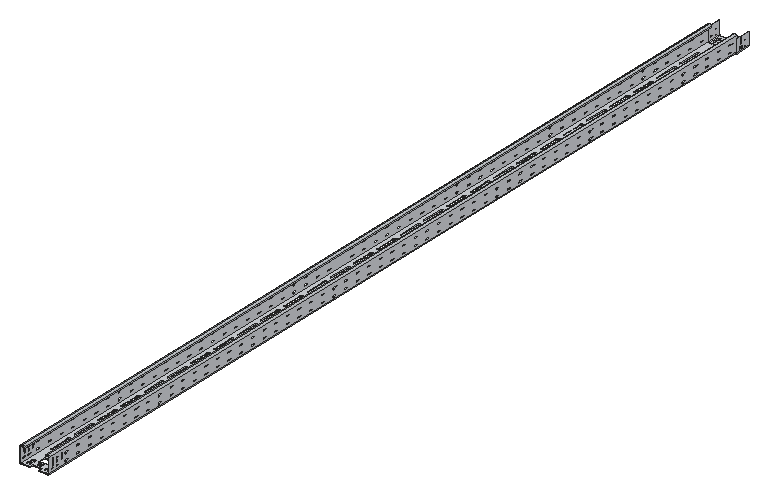
Revit family "Kabelrinne MKS Magic-MKSM Kabelrinne 1 mm, FT,FS", category Generic Models, Revit 2017 (continued)
Automatic sketch dimensions
  Extrusion 393 sketch curve to Extrusion 393 sketch curve = 3.5 mm
  plane 174 to Extrusion 394 sketch curve = 3.521 mm
  Extrusion 394 sketch curve to plane 175 = 3.517 mm
  Extrusion 394 sketch curve to Extrusion 394 sketch curve = 3.5 mm
  plane 178 to Extrusion 395 sketch curve = 3.521 mm
  Extrusion 395 sketch curve to plane 179 = 3.517 mm
  Extrusion 395 sketch curve to Extrusion 395 sketch curve = 3.5 mm
  plane 182 to Extrusion 396 sketch curve = 3.521 mm
  Extrusion 396 sketch curve to plane 183 = 3.517 mm
  Extrusion 396 sketch curve to Extrusion 396 sketch curve = 3.5 mm
  plane 186 to Extrusion 397 sketch curve = 3.521 mm
  Extrusion 397 sketch curve to plane 187 = 3.517 mm
  Extrusion 397 sketch curve to Extrusion 397 sketch curve = 3.5 mm
  plane 190 to Extrusion 398 sketch curve = 3.521 mm
  Extrusion 398 sketch curve to plane 191 = 3.517 mm
  Extrusion 398 sketch curve to Extrusion 398 sketch curve = 3.5 mm
  plane 194 to Extrusion 399 sketch curve = 3.521 mm
  Extrusion 399 sketch curve to plane 195 = 3.517 mm
  Extrusion 399 sketch curve to Extrusion 399 sketch curve = 3.5 mm
  plane 198 to Extrusion 400 sketch curve = 3.521 mm
  Extrusion 400 sketch curve to plane 199 = 3.517 mm
  Extrusion 400 sketch curve to Extrusion 400 sketch curve = 3.5 mm
  plane 202 to Extrusion 401 sketch curve = 3.521 mm
  Extrusion 401 sketch curve to plane 203 = 3.517 mm
  Extrusion 401 sketch curve to Extrusion 401 sketch curve = 3.5 mm
  plane 206 to Extrusion 402 sketch curve = 3.521 mm
  Extrusion 402 sketch curve to plane 207 = 3.517 mm
  Extrusion 402 sketch curve to Extrusion 402 sketch curve = 3.5 mm
  plane 210 to Extrusion 403 sketch curve = 3.521 mm
  Extrusion 403 sketch curve to plane 211 = 3.517 mm
  Extrusion 403 sketch curve to Extrusion 403 sketch curve = 3.5 mm
  plane 214 to Extrusion 404 sketch curve = 3.521 mm
  Extrusion 404 sketch curve to plane 215 = 3.517 mm
  Extrusion 404 sketch curve to Extrusion 404 sketch curve = 3.5 mm
  plane 218 to Extrusion 405 sketch curve = 3.521 mm
  Extrusion 405 sketch curve to plane 219 = 3.517 mm
  Extrusion 405 sketch curve to Extrusion 405 sketch curve = 3.5 mm
  plane 222 to Extrusion 406 sketch curve = 3.521 mm
  Extrusion 406 sketch curve to plane 223 = 3.517 mm
  Extrusion 406 sketch curve to Extrusion 406 sketch curve = 3.5 mm
  plane 226 to Extrusion 407 sketch curve = 3.521 mm
  Extrusion 407 sketch curve to plane 227 = 3.517 mm
  Extrusion 407 sketch curve to Extrusion 407 sketch curve = 3.5 mm
  plane 230 to Extrusion 408 sketch curve = 3.521 mm
  Extrusion 408 sketch curve to plane 231 = 3.517 mm
  Extrusion 408 sketch curve to Extrusion 408 sketch curve = 3.5 mm
  plane 234 to Extrusion 409 sketch curve = 3.521 mm
  Extrusion 409 sketch curve to plane 235 = 3.517 mm
  Extrusion 409 sketch curve to Extrusion 409 sketch curve = 3.5 mm
  plane 238 to Extrusion 410 sketch curve = 3.521 mm
  Extrusion 410 sketch curve to plane 239 = 3.517 mm
  Extrusion 410 sketch curve to Extrusion 410 sketch curve = 3.5 mm
  plane 242 to Extrusion 411 sketch curve = 3.521 mm
  Extrusion 411 sketch curve to plane 243 = 3.517 mm
  Extrusion 411 sketch curve to Extrusion 411 sketch curve = 3.5 mm
  Extrusion 1 sketch curve to Extrusion 1 sketch curve = 0 mm  (x4)
  Extrusion 1 sketch curve to plane 4 = 0 mm  (x2)
  Extrusion 1 sketch curve to plane 6 = 0 mm
  Extrusion 1 sketch curve to Extrusion 1 sketch curve = 1 mm  (x3)
  Extrusion 1 sketch curve to Extrusion 1 sketch curve = 0.5 mm  (x2)
  Extrusion 1 sketch curve to Extrusion 1 sketch curve = 1.5 mm
  level to Extrusion 1 sketch curve = 1 mm
  radius of Extrusion 322 sketch curve = 5.5 mm
  radius of Extrusion 323 sketch curve = 5.5 mm
  radius of Extrusion 324 sketch curve = 5.5 mm
  radius of Extrusion 325 sketch curve = 5.5 mm
  radius of Extrusion 326 sketch curve = 5.5 mm
  radius of Extrusion 327 sketch curve = 5.5 mm
  radius of Extrusion 328 sketch curve = 5.5 mm
  radius of Extrusion 329 sketch curve = 5.5 mm
  radius of Extrusion 330 sketch curve = 5.5 mm
  radius of Extrusion 331 sketch curve = 5.5 mm
  radius of Extrusion 332 sketch curve = 5.5 mm
  radius of Extrusion 333 sketch curve = 5.5 mm
  radius of Extrusion 334 sketch curve = 5.5 mm
  radius of Extrusion 335 sketch curve = 5.5 mm
  radius of Extrusion 336 sketch curve = 5.5 mm
  radius of Extrusion 337 sketch curve = 5.5 mm
  radius of Extrusion 338 sketch curve = 5.5 mm
  radius of Extrusion 339 sketch curve = 5.5 mm
  radius of Extrusion 340 sketch curve = 5.5 mm
  radius of Extrusion 341 sketch curve = 5.5 mm
  radius of Extrusion 342 sketch curve = 5.5 mm
  radius of Extrusion 343 sketch curve = 5.5 mm
  radius of Extrusion 344 sketch curve = 5.5 mm
  radius of Extrusion 345 sketch curve = 5.5 mm
  radius of Extrusion 346 sketch curve = 5.5 mm
  radius of Extrusion 347 sketch curve = 5.5 mm
  radius of Extrusion 348 sketch curve = 5.5 mm
  radius of Extrusion 349 sketch curve = 5.5 mm
  radius of Extrusion 350 sketch curve = 5.5 mm
  radius of Extrusion 20 sketch curve = 4.5 mm
  radius of Extrusion 22 sketch curve = 4.5 mm
Types (3, lengths in mm): name | Material | Manufacturer Art.No. | GTIN | Article Type
  (no name) | Hot-dip galvanised | "6059018" | "4012195830023" | "MKSM 610 FT"
  MKSM 610 FT | Hot-dip galvanised | "6059018" | "4012195830023" | "MKSM 610 FT"
  MKSM 610 FS | Strip-galvanised | "6059000" | "4012195829553" | "MKSM 610 FS"
